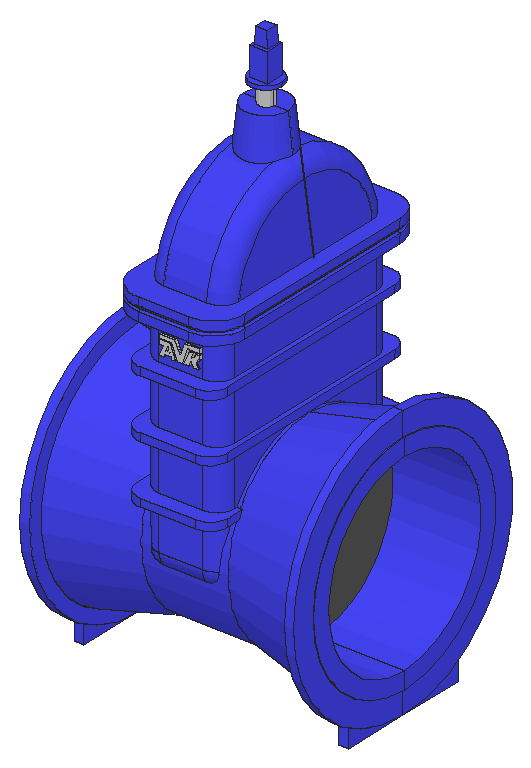
Revit family "02-75-006 DN450-500 Reduced Bore", category Pipe Accessories, Revit 2022
Family settings
  Round Connector Dimension = Use Diameter
  Part Type = Valve - Breaks Into
  Work Plane-Based = No
  Always vertical = Yes
  Cut with Voids When Loaded = No
  Shared = No
Parameters (values of type "DN450_PN10")
  Stand_Rib_W = (H3 - H) * 0.5  # 160 mm
  Logo height = Body_H * 0.85  # 450.5 mm
  L/2 = L / 2  # 325 mm
  FL_R = Body_FL_W * 0.55  # 72.875 mm
  Bonnet_L = size_lookup(Search_table, "Bonnet_L", 0 mm, DN)  # 240 mm
  disk_T = Rib_W * 1.1  # 117.013 mm
  URL_product_pages = "https://www.avkvalves.com/P.aspx?no=0204075514649003"
  Stem_cap_dia = size_lookup(Search_table, "Stem_cap_dia", 0 mm, DN)  # 75 mm
  Stem_cap_H = size_lookup(Search_table, "Stem_cap_H", 0 mm, DN)  # 115 mm
  Stem_R = Stem_cap_dia * 0.55  # 41.25 mm
  Search_table = "02-75-006 DN450-500 Reduced Bore"
  Rib_W = Body_W * 1.15  # 106.375 mm
  Rib_T = FL_T * 0.35  # 9.1 mm
  Rib_L = Body_L * 1.15  # 287.5 mm
  Rib_H = Body_H * 0.26  # 137.8 mm
  Reduced_dim1 = Body_W * 1.1  # 101.75 mm
  Reduced_dim = (H3 - H) * 0.9  # 288 mm
  Raised_dis = size_lookup(Search_table, "Raised_dis", 0 mm, DN)  # 4 mm
  Raised_Dia = size_lookup(Search_table, "Raised_Dia", 0 mm, DN) / 2  # 265 mm
  Nut = Bonnet_dim2 * 0.85  # 44.816 mm
  L = size_lookup(Search_table, "L", 0 mm, DN)  # 650 mm
  H3-H = size_lookup(Search_table, "H3-H", 0 mm, DN)  # 320 mm
  H3 = size_lookup(Search_table, "H3", 0 mm, DN)  # 1336 mm
  H1 = (H - Stem_cap_H) * 0.95  # 855.95 mm
  H = size_lookup(Search_table, "H", 0 mm, DN)  # 1016 mm
  FL_T = size_lookup(Search_table, "FL_T", 0 mm, DN)  # 26 mm
  F22 = size_lookup(Search_table, "F22", 0 mm, DN)  # 55 mm
  F2 = size_lookup(Search_table, "F2", 0 mm, DN)  # 38 mm
  F11 = size_lookup(Search_table, "F11", 0 mm, DN)  # 37 mm
  F1 = size_lookup(Search_table, "F1", 0 mm, DN) / 2  # 15 mm
  F0 = size_lookup(Search_table, "F0", 0 mm, DN)  # 32 mm
  F = size_lookup(Search_table, "F", 0 mm, DN) / 2  # 14 mm
  Description_ = "AVK GATE VALVE, FLANGED, PN10/16"
  Default Elevation = 0 mm
  DN500_PN16 = "02-500-75-51464"
  DN500_PN10 = "02-500-75-50464"
  DN450_PN16 = "02-450-75-51464"
  DN450_PN10 = "02-450-75-50464"
  DN = 450 mm
  Bore = DN / 2  # 225 mm
  Bonnet_dim2 = Bonnet_dim1 * 0.6  # 52.725 mm
  Bonnet_dim1 = Body_W * 0.95  # 87.875 mm
  Body_W = size_lookup(Search_table, "Body_W", 0 mm, DN) / 2  # 92.5 mm
  Body_T = size_lookup(Search_table, "Body_T", 0 mm, DN)  # 14 mm
  Body_R = Body_W * 0.45  # 41.625 mm
  Body_L = size_lookup(Search_table, "Body_L", 0 mm, DN) / 2  # 250 mm
  Body_H = size_lookup(Search_table, "Body_H", 0 mm, DN)  # 530 mm
  Body_FL_W = size_lookup(Search_table, "Body_FL_W", 0 mm, DN) / 2  # 132.5 mm
  Body_FL_T = size_lookup(Search_table, "Body_FL_T", 0 mm, DN)  # 60 mm
  Body_FL_L = size_lookup(Search_table, "Body_FL_L", 0 mm, DN) / 2  # 300 mm
  5 = 5 mm  # constant formula
  1 = 1 mm  # constant formula
Types (5, lengths in mm): name | Stand_Rib_W | Logo height | L/2 | FL_R | Bonnet_L | disk_T | Rib_W | Rib_T | Rib_L | Rib_H | Reduced_dim1 | Reduced_dim | Raised_Dia | Nut | L | H3-H | H3 | FL_T | DN | Bore | Bonnet_dim2 | Bonnet_dim1 | Body_W | Body_R | Body_L | Body_H | Body_FL_W | Body_FL_T | Body_FL_L
  (no name) | 160 | 450.5 | 325 | 72.875 | 240 | 117.013 | 106.375 | 9.1 | 287.5 | 137.8 | 101.75 | 288 | 265 | 44.816 | 650 | 320 | 1336 | 26 | 450 | 225 | 52.725 | 87.875 | 92.5 | 41.625 | 250 | 530 | 132.5 | 60 | 300
  DN450_PN10 | 160 | 450.5 | 325 | 72.875 | 240 | 117.013 | 106.375 | 9.1 | 287.5 | 137.8 | 101.75 | 288 | 265 | 44.816 | 650 | 320 | 1336 | 26 | 450 | 225 | 52.725 | 87.875 | 92.5 | 41.625 | 250 | 530 | 132.5 | 60 | 300
  DN450_PN16 | 160 | 450.5 | 325 | 72.875 | 240 | 117.013 | 106.375 | 10.5 | 287.5 | 137.8 | 101.75 | 288 | 274 | 44.816 | 650 | 320 | 1336 | 30 | 450.1 | 225.05 | 52.725 | 87.875 | 92.5 | 41.625 | 250 | 530 | 132.5 | 60 | 300
  DN500_PN10 | 178.5 | 476 | 350 | 78.375 | 242 | 132.825 | 120.75 | 9.45 | 333.5 | 145.6 | 115.5 | 321.3 | 291 | 50.872 | 700 | 357 | 1373 | 27 | 500 | 250 | 59.85 | 99.75 | 105 | 47.25 | 290 | 560 | 142.5 | 65 | 310
  DN500_PN16 | 178.5 | 476 | 350 | 78.375 | 242 | 132.825 | 120.75 | 11.2 | 333.5 | 145.6 | 115.5 | 321.3 | 304.5 | 50.872 | 700 | 357 | 1373 | 32 | 500.1 | 250.05 | 59.85 | 99.75 | 105 | 47.25 | 290 | 560 | 142.5 | 65 | 310
Reference planes
  plane 1 "Center (Front/Back)": y = 0
  plane 2: z = 0
  plane 3 "Center (Left/Right)": x = 0
  plane 4: x = -325
  plane 5: x = 325
  plane 6: z = 225
  plane 7: z = -225
  plane 8: y = 225
  plane 9: y = -225
  plane 10: y = 320
  plane 11: z = 530
  plane 12: y = 250
  plane 13: y = 208.375
  plane 14: y = -208.375
  plane 15: z = 392.2
  plane 16: z = 254.4
  plane 17: z = 116.6
  plane 18: z = 1016
  plane 19: z = 901
  plane 20: z = 978
  plane 21: z = 855.95
  plane 22: z = -320
  plane 23: x = -14
  plane 24: x = 14
  plane 25: x = -15
  plane 26: x = 15
  plane 27: z = 320
  plane 28: z = 450.5
  plane 29: y = -250
Forms (mm)
  Revolve 1, solid, material "Laminate, Blue, Matte"
    sketch origin (0, 0, 0) x (1, 0, 0) y (0, 0, 1)
      loop
        line (325, 225) -> (325, 265) -> (321, 265) -> (321, 320) -> (299, 320) -> (299, 288) -> (101.75, 239) -> (-101.75, 239) -> (-299, 288) -> (-299, 320) -> (-321, 320) -> (-321, 265) -> (-325, 265) -> (-325, 225) -> (325, 225)
      axis (325, 0) -> (-325, 0)
    angle from 0 to 360
  Extrusion 2, solid, material "Laminate, Blue, Matte"
    sketch origin (0, 0, 0) x (1, 0, 0) y (0, 1, 0)
      loop
        arc (-50.875, 250) -> (-80.308, 237.808) -> (-92.5, 208.375) r 41.625
        line (-92.5, 208.375) -> (-92.5, -208.375)
        arc (-92.5, -208.375) -> (-80.308, -237.808) -> (-50.875, -250) r 41.625
        line (-50.875, -250) -> (50.875, -250)
        arc (50.875, -250) -> (80.308, -237.808) -> (92.5, -208.375) r 41.625
        line (92.5, -208.375) -> (92.5, 208.375)
        arc (92.5, 208.375) -> (80.308, 237.808) -> (50.875, 250) r 41.625
        line (50.875, 250) -> (-50.875, 250)
    from 0 to 530
  Revolve 3, solid, material "Laminate, Blue, Matte"
    sketch origin (0, 0, 0) x (1, 0, 0) y (0, 1, 0)
      loop
        arc (-50.875, 250) -> (-80.308, 237.808) -> (-92.5, 208.375) r 41.625
        line (-92.5, 208.375) -> (99.375, 208.375)
        arc (99.375, 208.375) -> (87.183, 237.808) -> (57.75, 250) r 41.625
        line (57.75, 250) -> (-50.875, 250)
      axis (-92.5, 208.375) -> (99.375, 208.375)
    angle from 360 to 0
  Revolve 4, solid, material "Laminate, Blue, Matte"
    sketch origin (0, 0, 0) x (1, 0, 0) y (0, 1, 0)
      loop
        arc (-92.5, -208.375) -> (-80.308, -237.808) -> (-50.875, -250) r 41.625
        line (-50.875, -250) -> (50.875, -250)
        arc (50.875, -250) -> (80.308, -237.808) -> (92.5, -208.375) r 41.625
        line (92.5, -208.375) -> (-92.5, -208.375)
      axis (-92.5, -208.375) -> (92.5, -208.375)
    angle from 360 to 0
  Extrusion 5, solid, material "Aluminum 1100-O"
    sketch origin (0, 0, 0) x (0, 1, 0) y (0, 0, 1)
      loop
        circle (0, 0) r 225
    from -117.013 to 117.012
  Extrusion 6, solid, material "Laminate, Blue, Matte"
    sketch origin (-870.12, -1524, 530) x (-1, 0, 0) y (0, -1, 0)
      loop
        arc (-810.495, -1824) -> (-758.964, -1802.655) -> (-737.62, -1751.125) r 72.875
        line (-737.62, -1751.125) -> (-737.62, -1296.875)
        arc (-737.62, -1296.875) -> (-758.964, -1245.345) -> (-810.495, -1224) r 72.875
        line (-810.495, -1224) -> (-929.745, -1224)
        arc (-929.745, -1224) -> (-981.275, -1245.345) -> (-1002.62, -1296.875) r 72.875
        line (-1002.62, -1296.875) -> (-1002.62, -1751.125)
        arc (-1002.62, -1751.125) -> (-981.275, -1802.655) -> (-929.745, -1824) r 72.875
        line (-929.745, -1824) -> (-810.495, -1824)
    from -26 to 26
  Sweep 7, void
    path in 3D
      loop
        arc (-59.625, 300, 556) -> (-111.155, 278.655, 556) -> (-132.5, 227.125, 556) r 72.875
        line (-132.5, 227.125, 556) -> (-132.5, -227.125, 556)
        arc (-132.5, -227.125, 556) -> (-111.155, -278.655, 556) -> (-59.625, -300, 556) r 72.875
        line (-59.625, -300, 556) -> (59.625, -300, 556)
        arc (59.625, -300, 556) -> (111.155, -278.655, 556) -> (132.5, -227.125, 556) r 72.875
        line (132.5, -227.125, 556) -> (132.5, 227.125, 556)
        arc (132.5, 227.125, 556) -> (111.155, 278.655, 556) -> (59.625, 300, 556) r 72.875
        line (59.625, 300, 556) -> (-59.625, 300, 556)
    profile origin (0, 300, 556) x (0, -1, 0) y (0, 0, 1)
      loop
        circle (0, -26) r 5
  Extrusion 8, solid, material "Laminate, Blue, Matte"
    sketch origin (-437.602, -1524, 392.2) x (-1, 0, 0) y (0, -1, 0)
      loop
        arc (-372.852, -1811.5) -> (-343.419, -1799.308) -> (-331.227, -1769.875) r 41.625
        line (-331.227, -1769.875) -> (-331.227, -1278.125)
        arc (-331.227, -1278.125) -> (-343.419, -1248.692) -> (-372.852, -1236.5) r 41.625
        line (-372.852, -1236.5) -> (-502.352, -1236.5)
        arc (-502.352, -1236.5) -> (-531.785, -1248.692) -> (-543.977, -1278.125) r 41.625
        line (-543.977, -1278.125) -> (-543.977, -1769.875)
        arc (-543.977, -1769.875) -> (-531.785, -1799.308) -> (-502.352, -1811.5) r 41.625
        line (-502.352, -1811.5) -> (-372.852, -1811.5)
    from -9.1 to 9.1
  Extrusion 9, solid, material "Laminate, Blue, Matte"
    sketch origin (-437.602, -1524, 254.4) x (-1, 0, 0) y (0, -1, 0)
      loop
        line (-502.352, -1811.5) -> (-372.852, -1811.5)
        arc (-372.852, -1811.5) -> (-343.419, -1799.308) -> (-331.227, -1769.875) r 41.625
        line (-331.227, -1769.875) -> (-331.227, -1278.125)
        arc (-331.227, -1278.125) -> (-343.419, -1248.692) -> (-372.852, -1236.5) r 41.625
        line (-372.852, -1236.5) -> (-502.352, -1236.5)
        arc (-502.352, -1236.5) -> (-531.785, -1248.692) -> (-543.977, -1278.125) r 41.625
        line (-543.977, -1278.125) -> (-543.977, -1769.875)
        arc (-543.977, -1769.875) -> (-531.785, -1799.308) -> (-502.352, -1811.5) r 41.625
    from -9.1 to 9.1
  Extrusion 10, solid, material "Laminate, Blue, Matte"
    sketch origin (-437.602, -1524, 116.6) x (-1, 0, 0) y (0, -1, 0)
      loop
        arc (-372.852, -1811.5) -> (-343.419, -1799.308) -> (-331.227, -1769.875) r 41.625
        line (-331.227, -1769.875) -> (-331.227, -1278.125)
        arc (-331.227, -1278.125) -> (-343.419, -1248.692) -> (-372.852, -1236.5) r 41.625
        line (-372.852, -1236.5) -> (-502.352, -1236.5)
        arc (-502.352, -1236.5) -> (-531.785, -1248.692) -> (-543.977, -1278.125) r 41.625
        line (-543.977, -1278.125) -> (-543.977, -1769.875)
        arc (-543.977, -1769.875) -> (-531.785, -1799.308) -> (-502.352, -1811.5) r 41.625
        line (-502.352, -1811.5) -> (-372.852, -1811.5)
    from -9.1 to 9.1
  Revolve 11, solid, material "Laminate, Blue, Matte"
    sketch origin (-870.12, -1524, 530) x (-1, 0, 0) y (0, -1, 0)
      loop
        line (-920.995, -1764) -> (-819.245, -1764)
        arc (-819.245, -1764) -> (-789.812, -1751.808) -> (-777.62, -1722.375) r 41.625
        line (-777.62, -1722.375) -> (-777.62, -1524) -> (-962.62, -1524) -> (-962.62, -1722.375)
        arc (-962.62, -1722.375) -> (-950.428, -1751.808) -> (-920.995, -1764) r 41.625
      axis (-777.62, -1524) -> (-962.62, -1524)
    angle from 360 to 180
  Extrusion 12, solid, material "Laminate, Blue, Matte"
    sketch origin (-569.469, -1524, 901) x (-1, 0, 0) y (0, -1, 0)
      loop
        circle (-569.469, -1524) r 37.5
    from 0 to 9.1
  Blend 13, solid, material "Laminate, Blue, Matte"
    base sketch origin (-1510.49, -1524, 1016) x (-1, 0, 0) y (0, -1, 0)
      loop
        line (-1496.49, -1538) -> (-1496.49, -1510) -> (-1524.49, -1510) -> (-1524.49, -1538) -> (-1496.49, -1538)
    top sketch origin (-1510.49, -1524, 1016) x (-1, 0, 0) y (0, -1, 0)
      loop
        line (-1495.49, -1539) -> (-1495.49, -1509) -> (-1525.49, -1509) -> (-1525.49, -1539) -> (-1495.49, -1539)
    from 0 to -38
  Extrusion 14, solid, material "Laminate, Blue, Matte"
    sketch origin (-141.54, -1524, 978) x (-1, 0, 0) y (0, -1, 0)
      loop
        line (-120.915, -1544.625) -> (-120.915, -1503.375) -> (-162.165, -1503.375) -> (-162.165, -1544.625) -> (-120.915, -1544.625)
    from -67.55 to 0
  Revolve 15, solid, material "Laminate, Blue, Matte"
    sketch origin (0, 0, 0) x (1, 0, 0) y (0, 0, 1)
      loop
        line (0, 855.95) -> (0, 530) -> (87.875, 530) -> (52.725, 855.95) -> (0, 855.95)
      axis (0, 530) -> (0, 855.95)
    angle from 360 to 0
  Extrusion 16, solid, material "Default Wall"
    sketch origin (-141.54, -1524, 978) x (-1, 0, 0) y (0, -1, 0)
      loop
        circle (-141.54, -1524) r 18.5
    from -77 to -202
  Extrusion 17, solid
    sketch origin (-476.651, 250, 1190.809) x (-1, 0, 0) y (0, 0, 1)
      loop
        line (-431.651, -725.809) -> (-467.036, -725.809) -> (-479.513, -756.692) -> (-490.754, -725.809) -> (-525.754, -725.809) -> (-525.754, -735.809) -> (-497.464, -735.809) -> (-484.872, -770.405) -> (-472.939, -770.405) -> (-458.961, -735.809) -> (-431.651, -735.809) -> (-431.651, -725.809)
      loop
        line (-431.651, -737.954) -> (-456.615, -737.954) -> (-469.727, -770.405) -> (-460.26, -770.405) -> (-458.362, -765.707) -> (-443.362, -765.707) -> (-441.651, -770.405) -> (-431.651, -770.405) -> (-441.651, -748.107) -> (-431.651, -748.107) -> (-431.651, -737.954)
      loop
        line (-488.042, -770.405) -> (-500.6, -739.324) -> (-510.6, -739.324) -> (-506.552, -750.445)
        arc (-506.552, -750.445) -> (-513.466, -748.325) -> (-516.527, -741.774) r 8.907
        line (-516.527, -741.774) -> (-516.527, -738.809) -> (-525.754, -738.809) -> (-525.754, -748.107) -> (-522.063, -748.107)
        arc (-522.063, -748.107) -> (-519.317, -754.738) -> (-512.686, -757.484) r 9.377
        line (-512.686, -757.484) -> (-522.074, -770.405) -> (-511.016, -770.405) -> (-503.202, -759.651) -> (-498.856, -770.405) -> (-488.042, -770.405)
      loop
        line (-450.47, -746.176) -> (-455.095, -757.622) -> (-446.304, -757.622) -> (-450.47, -746.176)
    from -500 to -505
  Extrusion 18, solid, material "Laminate, Blue, Matte"
    sketch origin (0, 0, 0) x (0, 1, 0) y (0, 0, 1)
      loop
        arc (160, -277.128) -> (82.822, -309.096) -> (0, -320) r 320
        line (0, -320) -> (160, -320) -> (160, -277.128)
    from 299 to 321
  Extrusion 19, solid, material "Laminate, Blue, Matte"
    sketch origin (0, 0, 0) x (0, 1, 0) y (0, 0, 1)
      loop
        line (-160, -277.128) -> (-160, -320) -> (0, -320)
        arc (0, -320) -> (-82.822, -309.096) -> (-160, -277.128) r 320
    from 299 to 321
  Extrusion 20, solid, material "Laminate, Blue, Matte"
    sketch origin (0, 0, 0) x (0, 1, 0) y (0, 0, 1)
      loop
        line (160, -320) -> (160, -277.128)
        arc (160, -277.128) -> (82.822, -309.096) -> (0, -320) r 320
        line (0, -320) -> (160, -320)
    from -321 to -299
  Extrusion 21, solid, material "Laminate, Blue, Matte"
    sketch origin (0, 0, 0) x (0, 1, 0) y (0, 0, 1)
      loop
        arc (0, -320) -> (-82.822, -309.096) -> (-160, -277.128) r 320
        line (-160, -277.128) -> (-160, -320) -> (0, -320)
    from -321 to -299
Cuts and joins
  Sweep 7 cuts Extrusion 6
Lines and regions (mm)
  sketch lines
    curve 1: line (59.625, 300, 556) -> (-59.625, 300, 556)
    curve 2: arc (59.625, 300, 556) -> (111.155, 278.655, 556) -> (132.5, 227.125, 556) r 72.875
    curve 3: line (132.5, -227.125, 556) -> (132.5, 227.125, 556)
    curve 4: arc (132.5, -227.125, 556) -> (111.155, -278.655, 556) -> (59.625, -300, 556) r 72.875
    curve 5: line (-59.625, -300, 556) -> (59.625, -300, 556)
    curve 6: arc (-59.625, -300, 556) -> (-111.155, -278.655, 556) -> (-132.5, -227.125, 556) r 72.875
    curve 7: line (-132.5, 227.125, 556) -> (-132.5, -227.125, 556)
    curve 8: arc (-132.5, 227.125, 556) -> (-111.155, 278.655, 556) -> (-59.625, 300, 556) r 72.875
Dimensions and locks
  equal spacing: plane 6, level, plane 7
  "Bore": plane 6 to level
  equal spacing: plane 9, plane 1 "Center (Front/Back)", plane 8
  plane 4 to plane 3 "Center (Left/Right)" to plane 5 = 325 mm, 325 mm
  "Bore": plane 1 "Center (Front/Back)" to plane 8
  "H3-H": plane 1 "Center (Front/Back)" to plane 10
  "Body_T": plane 6 to Revolve 1 sketch curve
  "H3-H": level to Revolve 1 sketch curve
  "Raised_Dia": level to Revolve 1 sketch curve
  "Raised_dis": plane 5 to Revolve 1 sketch curve
  "FL_T": plane 5 to Revolve 1 sketch curve
  "Raised_dis": Revolve 1 sketch curve to plane 4
  "FL_T": Revolve 1 sketch curve to plane 4
  "Reduced_dim": level to Revolve 1 sketch curve  (x2)
  equal spacing: Revolve 1 sketch curve, plane 3 "Center (Left/Right)", Revolve 1 sketch curve
  "Reduced_dim1": Revolve 1 sketch curve to plane 3 "Center (Left/Right)"
  equal spacing: Extrusion 2 sketch curve, plane 3 "Center (Left/Right)", Extrusion 2 sketch curve
  equal spacing: Extrusion 2 sketch curve, plane 1 "Center (Front/Back)", Extrusion 2 sketch curve
  "Body_L": plane 1 "Center (Front/Back)" to Extrusion 2 sketch curve
  "Body_W": plane 3 "Center (Left/Right)" to Extrusion 2 sketch curve
  "Body_H": plane 11 to level
  "Body_L": plane 1 "Center (Front/Back)" to plane 12
  "Body_R": plane 12 to plane 13
  equal spacing: plane 14, plane 1 "Center (Front/Back)", plane 13
  equal spacing: Extrusion 5 sketch curve, plane 1 "Center (Front/Back)", Extrusion 5 sketch curve
  equal spacing: Extrusion 5 sketch curve, level, Extrusion 5 sketch curve
  equal spacing: Extrusion 5, plane 3 "Center (Left/Right)", Extrusion 5
  "disk_T": plane 3 "Center (Left/Right)" to Extrusion 5
  equal spacing: Extrusion 6 sketch curve, plane 3 "Center (Left/Right)", Extrusion 6 sketch curve
  equal spacing: Extrusion 6 sketch curve, plane 1 "Center (Front/Back)", Extrusion 6 sketch curve
  "Body_FL_W": plane 3 "Center (Left/Right)" to Extrusion 6 sketch curve
  "Body_FL_L": plane 1 "Center (Front/Back)" to Extrusion 6 sketch curve
  equal spacing: Extrusion 6, plane 11, Extrusion 6
  "FL_T": Extrusion 6 to plane 11
  equal spacing: Sweep 7 sketch curve, plane 11, Sweep 7 sketch curve
  "5": Sweep 7 sketch curve to profile plane
  "Rib_H": plane 11 to plane 15
  "Rib_H": plane 15 to plane 16
  "Rib_H": plane 16 to plane 17
  equal spacing: Extrusion 8 sketch curve, plane 3 "Center (Left/Right)", Extrusion 8 sketch curve
  equal spacing: Extrusion 8 sketch curve, plane 1 "Center (Front/Back)", Extrusion 8 sketch curve
  "Rib_W": plane 3 "Center (Left/Right)" to Extrusion 8 sketch curve
  "Rib_L": plane 1 "Center (Front/Back)" to Extrusion 8 sketch curve
  equal spacing: Extrusion 8, plane 15, Extrusion 8
  "Rib_T": Extrusion 8 to plane 15
  equal spacing: Extrusion 9, plane 16, Extrusion 9
  "Rib_T": Extrusion 9 to plane 16
  equal spacing: Extrusion 10, plane 17, Extrusion 10
  "Rib_T": Extrusion 10 to plane 17
  "H": plane 18 to level
  "Stem_cap_H": plane 18 to plane 19
  equal spacing: Extrusion 12 sketch curve, plane 3 "Center (Left/Right)", Extrusion 12 sketch curve
  equal spacing: Extrusion 12 sketch curve, plane 1 "Center (Front/Back)", Extrusion 12 sketch curve
  "Rib_T": Extrusion 12 to plane 19
  "F2": plane 18 to plane 20
  equal spacing: Blend 13 sketch curve, plane 3 "Center (Left/Right)", Blend 13 sketch curve  (x2)
  equal spacing: Blend 13 sketch curve, plane 1 "Center (Front/Back)", Blend 13 sketch curve  (x2)
  "F": Blend 13 sketch curve to plane 3 "Center (Left/Right)"
  "F": plane 1 "Center (Front/Back)" to Blend 13 sketch curve
  "F1": Blend 13 sketch curve to plane 3 "Center (Left/Right)"
  "F1": Blend 13 sketch curve to plane 1 "Center (Front/Back)"
  equal spacing: Extrusion 14 sketch curve, plane 3 "Center (Left/Right)", Extrusion 14 sketch curve
  equal spacing: Extrusion 14 sketch curve, plane 1 "Center (Front/Back)", Extrusion 14 sketch curve
  "Stem_R": Extrusion 14 sketch curve to Extrusion 14 sketch curve  (x2)
  "Bonnet_dim1": Revolve 15 sketch curve to plane 3 "Center (Left/Right)"
  equal spacing: Extrusion 16 sketch curve, plane 3 "Center (Left/Right)", Extrusion 16 sketch curve
  equal spacing: Extrusion 16 sketch curve, plane 1 "Center (Front/Back)", Extrusion 16 sketch curve
  "H1": plane 21 to level
  "Bonnet_dim2": Revolve 15 sketch curve to plane 3 "Center (Left/Right)"
  "Bonnet_L": plane 1 "Center (Front/Back)" to Revolve 11 sketch curve
  equal spacing: Revolve 11 sketch curve, plane 3 "Center (Left/Right)", Revolve 11 sketch curve
  "Body_W": Revolve 11 sketch curve to plane 3 "Center (Left/Right)"
  "H3-H": level to plane 22
  plane 18 to plane 22 = 1336 mm
  equal spacing: plane 24, plane 3 "Center (Left/Right)", plane 23
  equal spacing: plane 26, plane 3 "Center (Left/Right)", plane 25
  "F": plane 3 "Center (Left/Right)" to plane 23
  plane 24 to plane 23 = 28 mm
  "F1": plane 3 "Center (Left/Right)" to plane 25
  plane 26 to plane 25 = 30 mm
  "H3-H": plane 27 to level
  plane 27 to plane 22 = 640 mm
  "Logo height": plane 28 to level
  "Body_L": plane 1 "Center (Front/Back)" to plane 29
  "5": plane 29 to Extrusion 17
  equal spacing: plane 5, plane 3 "Center (Left/Right)", plane 4
  "L/2": plane 5 to plane 3 "Center (Left/Right)"
  plane 5 to plane 4 = 650 mm
  "Stand_Rib_W": Extrusion 18 sketch curve to plane 1 "Center (Front/Back)"
  "Stand_Rib_W": plane 1 "Center (Front/Back)" to Extrusion 19 sketch curve
  "Raised_dis": Extrusion 20 to plane 4
  level to Extrusion 20 = 320 mm
  "Body_R": radius of Extrusion 2 sketch curve  (x4)
  "Bore": radius of Extrusion 5 sketch curve
  "FL_R": radius of Extrusion 6 sketch curve  (x4)
  "5": radius of Sweep 7 sketch curve
  "Body_R": radius of Extrusion 8 sketch curve  (x4)
  "Stem_cap_dia": diameter of Extrusion 12 sketch curve
  "F11": diameter of Extrusion 16 sketch curve
  "Body_R": radius of Revolve 11 sketch curve  (x2)
  aligned and locked: level to plane 2
  aligned and locked: plane 2 to Revolve 1 sketch curve
  aligned and locked: Revolve 1 sketch curve to plane 6
  aligned and locked: Revolve 1 sketch curve to Revolve 1 sketch curve  (x2)
  aligned and locked: Revolve 1 sketch curve to plane 5
  aligned and locked: Revolve 1 sketch curve to plane 4
  aligned and locked: Extrusion 2 to level
  aligned and locked: plane 11 to Extrusion 2
  aligned and locked: Revolve 3 sketch curve to Extrusion 2  (x2)
  aligned and locked: Revolve 3 sketch curve to plane 13
  aligned and locked: Revolve 4 sketch curve to Extrusion 2  (x2)
  aligned and locked: plane 14 to Revolve 4 sketch curve
  aligned and locked: Extrusion 8 to Extrusion 9 sketch curve
  aligned and locked: Extrusion 10 sketch curve to Extrusion 8
  aligned and locked: plane 1 "Center (Front/Back)" to Revolve 11 sketch curve
  aligned and locked: Blend 13 to plane 20
  aligned and locked: plane 18 to Blend 13
  aligned and locked: plane 20 to Extrusion 14
  aligned and locked: Revolve 15 sketch curve to plane 3 "Center (Left/Right)"
  aligned and locked: plane 3 "Center (Left/Right)" to Revolve 15 sketch curve
  aligned and locked: plane 19 to Extrusion 16
  aligned and locked: plane 21 to Revolve 15 sketch curve
  aligned and locked: Extrusion 17 to plane 29
  aligned and locked: Extrusion 18 sketch curve to Revolve 1
  aligned and locked: Extrusion 18 sketch curve to plane 22
  aligned and locked: Revolve 1 to Extrusion 18
  aligned and locked: Extrusion 18 to Revolve 1
  aligned and locked: Extrusion 19 sketch curve to Revolve 1
  aligned and locked: plane 22 to Extrusion 19 sketch curve
  aligned and locked: Extrusion 19 to Revolve 1
  aligned and locked: Revolve 1 to Extrusion 19
  aligned and locked: Extrusion 20 sketch curve to Extrusion 18  (x2)
  aligned and locked: Extrusion 20 sketch curve to Revolve 1
  aligned and locked: Extrusion 21 sketch curve to Revolve 1
  aligned and locked: Extrusion 21 sketch curve to Extrusion 19  (x2)
  aligned and locked: Revolve 1 to Extrusion 21
  aligned and locked: Extrusion 21 to Revolve 1
Automatic sketch dimensions
  plane 26 to Revolve 3 sketch curve = 42.75 mm
  Revolve 3 sketch curve to Revolve 3 sketch curve = 30 mm  (x2)
  plane 26 to Revolve 4 sketch curve = 35.875 mm
  Revolve 4 sketch curve to Revolve 4 sketch curve = 45 mm  (x2)
  Extrusion 9 sketch curve to plane 29 = 4.125 mm
  plane 26 to Extrusion 9 sketch curve = 91.375 mm
  Extrusion 9 sketch curve to plane 12 = 4.125 mm  (x2)
  Extrusion 9 sketch curve to Extrusion 9 sketch curve = 41.625 mm
  Extrusion 9 sketch curve to plane 25 = 49.75 mm  (x2)
  plane 26 to Extrusion 10 sketch curve = 49.75 mm  (x2)
  Extrusion 10 sketch curve to plane 29 = 4.125 mm
  Extrusion 10 sketch curve to Extrusion 10 sketch curve = 41.625 mm
  Extrusion 10 sketch curve to plane 25 = 49.75 mm
  Extrusion 17 sketch curve to plane 28 = 7.798 mm  (x2)
  plane 26 to Extrusion 17 sketch curve = 34.102 mm
  Extrusion 17 sketch curve to Extrusion 17 sketch curve = 0 mm  (x3)
  Extrusion 17 sketch curve to Extrusion 17 sketch curve = 3.68 mm
  Extrusion 17 sketch curve to Extrusion 17 sketch curve = 3.691 mm
  Extrusion 17 sketch curve to plane 28 = 1.465 mm
  Extrusion 17 sketch curve to Extrusion 17 sketch curve = 5.536 mm
  Extrusion 17 sketch curve to Extrusion 17 sketch curve = 3.841 mm
  Extrusion 17 sketch curve to Extrusion 17 sketch curve = 11.059 mm
  plane 28 to Extrusion 17 sketch curve = 0.985 mm
  Extrusion 17 sketch curve to Extrusion 17 sketch curve = 5.927 mm
  Extrusion 17 sketch curve to plane 28 = 1.294 mm
  Extrusion 17 sketch curve to Extrusion 17 sketch curve = 2.978 mm
  Extrusion 17 sketch curve to plane 28 = 10.136 mm
  Extrusion 17 sketch curve to Extrusion 17 sketch curve = 9.485 mm
  Extrusion 17 sketch curve to Extrusion 17 sketch curve = 7.022 mm
  plane 26 to Extrusion 17 sketch curve = 7.205 mm
  Extrusion 17 sketch curve to Extrusion 17 sketch curve = 3.136 mm
  plane 24 to Extrusion 17 sketch curve = 0.102 mm
  Extrusion 17 sketch curve to plane 24 = 2.609 mm
  Extrusion 17 sketch curve to Extrusion 17 sketch curve = 3.171 mm
  plane 3 "Center (Left/Right)" to Extrusion 17 sketch curve = 2.862 mm
  Extrusion 17 sketch curve to plane 3 "Center (Left/Right)" = 3.713 mm
  Extrusion 17 sketch curve to Extrusion 17 sketch curve = 3.212 mm
  plane 23 to Extrusion 17 sketch curve = 4.384 mm
  Extrusion 17 sketch curve to plane 25 = 1.392 mm
  Extrusion 17 sketch curve to plane 25 = 2.691 mm
  Extrusion 17 sketch curve to plane 25 = 3.29 mm
  plane 28 to Extrusion 17 sketch curve = 2.355 mm
  Extrusion 17 sketch curve to Extrusion 17 sketch curve = 2.345 mm
  Extrusion 17 sketch curve to plane 25 = 6.557 mm
  Extrusion 17 sketch curve to Extrusion 17 sketch curve = 6.145 mm
  Extrusion 17 sketch curve to Extrusion 17 sketch curve = 8.791 mm
  Extrusion 17 sketch curve to Extrusion 17 sketch curve = 2.943 mm
  Extrusion 17 sketch curve to Extrusion 17 sketch curve = 1.71 mm
  Extrusion 17 sketch curve to Extrusion 17 sketch curve = 8.819 mm
  Extrusion 17 sketch curve to Extrusion 17 sketch curve = 10 mm  (x4)
  Extrusion 17 sketch curve to Extrusion 17 sketch curve = 9.515 mm
  Extrusion 17 sketch curve to Extrusion 17 sketch curve = 2.167 mm
  Extrusion 17 sketch curve to Extrusion 17 sketch curve = 8.085 mm
  Extrusion 17 sketch curve to Extrusion 17 sketch curve = 12.921 mm
  Extrusion 17 sketch curve to Extrusion 17 sketch curve = 4.698 mm  (x2)
  Extrusion 17 sketch curve to Extrusion 17 sketch curve = 10.755 mm
  Extrusion 17 sketch curve to Extrusion 17 sketch curve = 13.713 mm
  Extrusion 17 sketch curve to plane 28 = 5.867 mm
  plane 28 to Extrusion 17 sketch curve = 1.5 mm
  Extrusion 17 sketch curve to Extrusion 17 sketch curve = 3 mm
  Extrusion 17 sketch curve to Extrusion 17 sketch curve = 2.145 mm
  Extrusion 20 sketch curve to plane 1 "Center (Front/Back)" = 0 mm
  Extrusion 21 sketch curve to plane 1 "Center (Front/Back)" = 0 mm
  Revolve 1 sketch curve to plane 25 = 53.796 mm
  plane 5 to Revolve 1 sketch curve = 60 mm
  plane 1 "Center (Front/Back)" to Revolve 11 sketch curve = 0 mm
  Revolve 11 sketch curve to plane 5 = 65 mm
  plane 26 to Revolve 11 sketch curve = 11.296 mm
  Revolve 15 sketch curve to plane 11 = 0 mm
  plane 28 to Revolve 15 sketch curve = 18.67 mm
  plane 11 to Revolve 15 sketch curve = 100 mm
  Extrusion 18 sketch curve to plane 1 "Center (Front/Back)" = 0 mm
  Extrusion 19 sketch curve to plane 1 "Center (Front/Back)" = 0 mm
Connectors
  piping at (-325, 0, 0), diameter 450, driven by "DN"
    settings: on Revolve 1, index 1, connector inside diameter 609.6 mm, connector length 0 mm, flow factor 0, pipe flow 0.0 L/s, pressure drop 0.0 Pa, fitting loss kfactor 0, connector angle 0.00°, fixture units 0, engagement length 0 mm, angle of deflection 0.00°, flow configuration 0, flow direction 0, fitting loss method 0, system type 7, joint type 0, gender type 0, connector reference index -1, connector utility 0, adjustable connector no, is connector primary yes, connector description ""
  piping at (325, 0, 0), diameter 450, driven by "DN"
    settings: on Revolve 1, index 2, connector inside diameter 609.6 mm, connector length 0 mm, flow factor 0, pipe flow 0.0 L/s, pressure drop 0.0 Pa, fitting loss kfactor 0, connector angle 0.00°, fixture units 0, engagement length 0 mm, angle of deflection 0.00°, flow configuration 0, flow direction 0, fitting loss method 0, system type 7, joint type 0, gender type 0, connector reference index -1, connector utility 0, adjustable connector no, is connector primary no, connector description ""
